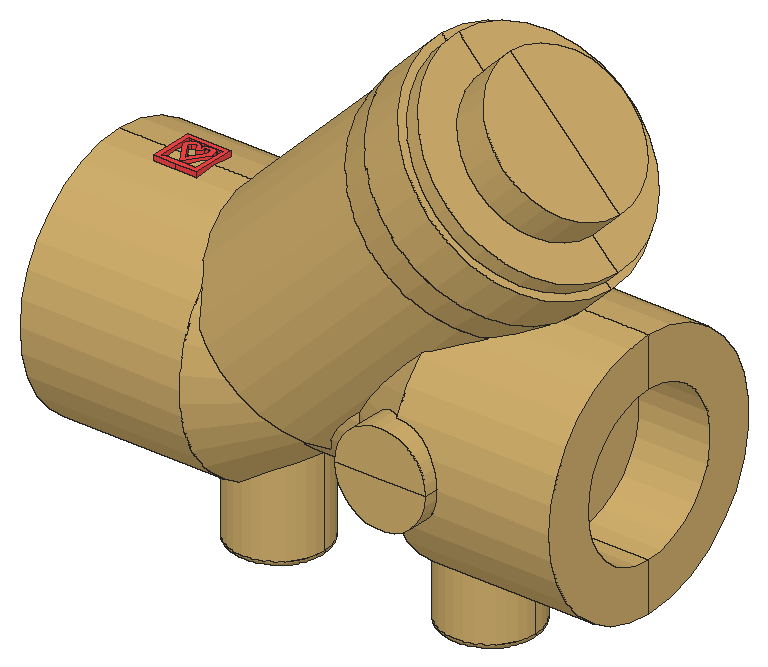
Revit family "Фильтр-грязевик 4111", category Rohrzubehör, Revit 2018
Family settings
  Bemaßung runder Anschluss = Durchmesser verwenden
  Teiletyp = Unterbricht
  OmniClass-Nummer = 23.65.55.14
  OmniClass-Titel = Valves for Liquid Services
  Arbeitsebenenbasiert = Nein
  Immer vertikal = Ja
  Beim Laden mit Abzugskörper schneiden = Nein
  Gemeinsam genutzt = Nein
Parameters
  Номер заказа [instance] = size_lookup("4111_", "Artnr", 0, Nennweite)  # 1411114
  Макс. рабочая температура = 110 °C  # constant formula
  W01 = 45.00°  # constant formula
  URL = "www.herz-armaturen.ru"
  Заглушка = "штампованная латунь CW 617N"  # constant formula
  Фильтрующий элемент = "нержавеющая сталь, размер ячейки 0,75 мм"  # constant formula
  SW02 [instance] = size_lookup("4111_", "SW2", 11.000 mm, Nennweite)  # 8.500 mm
  SW01 [instance] = size_lookup("4111_", "SW1", 16.000 mm, Nennweite)  # 16.000 mm
  SCTWSEQ = "AW;SBT_TYP_AW=\"112\";2"
  SCTWCODE = "04;16;02"  # constant formula
  SCRNSEQ = "AWI;AWI_TYP=\"1011\";2"
  SCRNCODE = "05;15;02"  # constant formula
  S01 [instance] = R01 * 2  # 52.000 mm
  R100 = 1.000 mm  # constant formula
  R10 [instance] = size_lookup("4111_", "R10", 8.500 mm, Nennweite)  # 6.950 mm
  R09 [instance] = size_lookup("4111_", "R9", 30.000 mm, Nennweite)  # 15.000 mm
  R08 [instance] = R07 - 1.500 mm  # 23.500 mm
  R07 [instance] = size_lookup("4111_", "R7", 46.500 mm, Nennweite)  # 25.000 mm
  R06 [instance] = size_lookup("4111_", "R6", 43.000 mm, Nennweite)  # 24.000 mm
  R05 [instance] = Nennweite / 2  # 16.000 mm
  R04 [instance] = size_lookup("4111_", "R4", 11.500 mm, Nennweite)  # 9.500 mm
  R03 = 9.500 mm  # constant formula
  R02 [instance] = Nennweite / 2  # 16.000 mm
  R01 [instance] = (Nennweite / 2) + 10.000 mm  # 26.000 mm
  PN [instance] = size_lookup("4111_", "PN", 16, Nennweite)  # 25
  Nennweite [instance] = 32.000 mm
  Среда = "Качество теплоносителя в соответствии с ÖNORM H5195 и/или предписаниями VDI-Standard 2035.\nРазрешается использование смеси этилен или пропиленгликоля в соотношении 25-50% с водой. Пожалуйста, обратитесь к документации производителя, при использовании этиленгликоля и пропиленгликоля в целях защиты от замерзания. Прокладки EPDM могут быть подвержены воздействию минеральных смазочных масел, что может служить причиной выхода из строя данных уплотнений."
  L16 [instance] = L03 - 4.500 mm  # 10.500 mm
  L15 [instance] = R01 - 1.000 mm  # 25.000 mm
  L14 [instance] = L06 - L08  # 7.300 mm
  L13 [instance] = size_lookup("4111_", "L13", 4.000 mm, Nennweite)  # 3.500 mm
  L12 = 0.800 mm  # constant formula
  L11 [instance] = size_lookup("4111_", "L11", 11.000 mm, Nennweite)  # 8.000 mm
  L10 = 3.500 mm  # constant formula
  L09 [instance] = size_lookup("4111_", "L9", 11.000 mm, Nennweite)  # 10.000 mm
  L08 [instance] = size_lookup("4111_", "L8", 35.000 mm, Nennweite)  # 52.700 mm
  L07 [instance] = size_lookup("4111_", "L7", 35.000 mm, Nennweite)  # 20.000 mm
  L06 [instance] = size_lookup("4111_", "L6", 118.000 mm, Nennweite) - L09  # 60.000 mm
  L05 [instance] = size_lookup("4111_", "L5", 44.000 mm, Nennweite)  # 27.500 mm
  L04 [instance] = size_lookup("4111_", "L4", 45.000 mm, Nennweite)  # 28.600 mm
  L03 = 15.000 mm  # constant formula
  L02 [instance] = size_lookup("4111_", "L2", 22.000 mm, Nennweite)  # 7.500 mm
  L01 [instance] = size_lookup("4111_", "L1", 48.000 mm, Nennweite)  # 33.000 mm
  L00 [instance] = size_lookup("4111_", "L", 180.000 mm, Nennweite)  # 110.000 mm
  Внутренняя резьба = "в соответствии с ISO 228-1"  # constant formula
  Hersteller = "Herz-Armaturen GmbH"  # constant formula
  H01 [instance] = size_lookup("4111_", "H1", 53.000 mm, Nennweite)  # 39.000 mm
  Корпус = "литая латунь, устойчивая к селективной цинковой коррозии, CC770S"  # constant formula
  Уплотнения = "EPDM"  # constant formula
  Область применения = "Фильтры устанавливаются с целью защиты клапанов от мелких частиц грязи в системах отопления и\nхолодоснабжения. Ароматические хлорированные углеводороды, такие как природный газ или продукты нефтепереработки, разрушают уплотнения из EPDM."
Reference planes
  plane 1 "Mitte (Vorne/hinten)": y = 0
  plane 2: z = 0
  plane 3 "Mitte (Links/rechts)": x = 0
Forms (mm)
  Revolve 1, solid, material "Messing", detail levels fine
    sketch origin (470, 0, 0) x (1, 0, 0) y (0, 0, 1)
      loop
        line (-525, 16) -> (-510, 16) -> (-510, 0) -> (-430, 0) -> (-430, 16) -> (-415, 16) -> (-415, 26) -> (-448, 26) -> (-462.5, 16) -> (-477.5, 16) -> (-492, 26) -> (-525, 26) -> (-525, 16)
      axis (-525, 0) -> (-415, 0)
    angle from 0 to 360
  Revolve 2, solid, material "Messing", detail levels fine
    sketch origin (470, 0, 0) x (1, 0, 0) y (0, 0, 1)
      loop
        line (-501.5, 0) -> (-501.5, -38)
        arc (-501.5, -38) -> (-501.207, -38.707) -> (-500.5, -39) r 1
        line (-500.5, -39) -> (-492, -39) -> (-492, 0) -> (-501.5, 0)
      axis (-492, 0) -> (-492, -39)
    angle from 0 to 360
  Revolve 3, solid, material "Messing", detail levels fine
    sketch origin (0, 0, 0) x (1, 0, 0) y (0, 1, 0)
      loop
        line (22, -28.6) -> (31.5, -28.6) -> (31.5, 27.5) -> (22, 27.5) -> (22, -28.6)
      axis (22, -28.6) -> (22, 27.5)
    angle from 0 to 360
  Revolve 4, solid, material "Messing", detail levels fine
    sketch origin (-470, 0, 0) x (-1, 0, 0) y (0, 0, 1)
      loop
        line (-501.5, 0) -> (-501.5, -38)
        arc (-501.5, -38) -> (-501.207, -38.707) -> (-500.5, -39) r 1
        line (-500.5, -39) -> (-492, -39) -> (-492, 0) -> (-501.5, 0)
      axis (-492, 0) -> (-492, -39)
    angle from 0 to 360
  Revolve 5, solid, material "Messing", detail levels fine
    sketch origin (0.32, 0, -0.105) x (1, 0, 0) y (0, 0, 1)
      loop
        line (-20.32, 0) -> (37.309, 57.629) -> (25.995, 68.943) -> (20.339, 63.286) -> (15.035, 68.589) -> (12.56, 66.114) -> (11.5, 67.175) -> (4.429, 60.104) -> (-0.026, 54.235) -> (-32.129, 22.132) -> (-31.634, 11.314) -> (-20.32, 0)
      axis (-20.32, 0) -> (37.309, 57.629)
    angle from 0 to 360
Lines and regions (mm)
  model lines, detail levels coarse+medium
    curve 1: line (-55, 0, 26) -> (55, 0, 26)
    curve 2: line (-55, 0, -26) -> (-55, 0, 26)
    curve 3: line (55, 0, -26) -> (-55, 0, -26)
    curve 4: line (55, 0, 26) -> (55, 0, -26)
    curve 6: line (-55, 26, 0) -> (55, 26, 0)
    curve 7: line (-55, -26, 0) -> (-55, 26, 0)
    curve 8: line (55, -26, 0) -> (-55, -26, 0)
    curve 9: line (55, 26, 0) -> (55, -26, 0)
    curve 10: line (55, -26, 0) -> (-55, 26, 0)
  symbolic lines, style "PipeAccessory"
    curve 5: line (55, 0, -26) -> (-55, 0, 26)
Dimensions and locks
  "H01": plane 2 to Revolve 2 sketch curve
  "L00": Revolve 1 sketch curve to Revolve 1 sketch curve
  equal spacing: Revolve 1 sketch curve, plane 3 "Mitte (Links/rechts)", Revolve 1 sketch curve
  "R01": Revolve 1 sketch curve to Revolve 1 sketch curve  (x2)
  "R02": Revolve 1 sketch curve to Revolve 1 sketch curve  (x3)
  "L01": Revolve 1 sketch curve to Revolve 1 sketch curve  (x2)
  "L02": plane 3 "Mitte (Links/rechts)" to Revolve 1 sketch curve
  "L02": Revolve 1 sketch curve to plane 3 "Mitte (Links/rechts)"
  "L03": Revolve 1 sketch curve to Revolve 1 sketch curve  (x2)
  "L01": Revolve 1 to Revolve 2 sketch curve
  "R03": Revolve 2 sketch curve to Revolve 2 sketch curve
  "L01": Revolve 4 sketch curve to Revolve 1
  "R03": Revolve 4 sketch curve to Revolve 4 sketch curve
  "H01": plane 2 to Revolve 4 sketch curve
  "L04": Revolve 3 sketch curve to plane 1 "Mitte (Vorne/hinten)"
  "L05": plane 1 "Mitte (Vorne/hinten)" to Revolve 3 sketch curve
  "R04": Revolve 3 sketch curve to Revolve 3 sketch curve
  "L01": Revolve 3 sketch curve to Revolve 1
  "SW01": Revolve 5 sketch curve to Revolve 5 sketch curve
  "R08": Revolve 5 sketch curve to Revolve 5 sketch curve
  "L10": Revolve 5 sketch curve to Revolve 5 sketch curve
  "L11": Revolve 5 sketch curve to Revolve 5 sketch curve
  "R07": Revolve 5 sketch curve to Revolve 5 sketch curve
  "L07": plane 3 "Mitte (Links/rechts)" to Revolve 5 sketch curve
  "R05": Revolve 5 sketch curve to Revolve 5 sketch curve
  "L06": Revolve 5 sketch curve to Revolve 5 sketch curve
  "L09": Revolve 5 sketch curve to Revolve 5 sketch curve
  "L08": Revolve 5 sketch curve to Revolve 5 sketch curve
  "R06": Revolve 5 sketch curve to Revolve 5 sketch curve
  "L14": Revolve 5 sketch curve to Revolve 5 sketch curve
  "L15": nested 1 to plane 2
  "L16": Revolve 1 to nested 1
  equal spacing: curve 7, plane 3 "Mitte (Links/rechts)", curve 9
  "L00": curve 7 to curve 9
  "S01": curve 6 to curve 8
  equal spacing: curve 4, plane 3 "Mitte (Links/rechts)", curve 2
  "L00": curve 4 to curve 2
  equal spacing: curve 1, plane 2, curve 3
  "S01": curve 1 to curve 3
  equal spacing: curve 8, plane 1 "Mitte (Vorne/hinten)", curve 6
  "R100": radius of Revolve 2 sketch curve
  "R100": radius of Revolve 4 sketch curve
  "W01": angle plane 2 to Revolve 5 sketch curve
  "W01": angle level to Revolve 5 sketch curve
  aligned and locked: level to plane 2
Automatic sketch dimensions
  Revolve 1 sketch curve to level = 0.000 mm  (x2)
  Revolve 1 sketch curve to Revolve 1 sketch curve = 791.990 mm
  Revolve 1 sketch curve to Revolve 1 sketch curve = 2278.983 mm
  Revolve 2 sketch curve to level = 0.000 mm  (x2)
  Revolve 2 sketch curve to Revolve 2 sketch curve = 0.000 mm
  Revolve 2 sketch curve to Revolve 2 sketch curve = 0.292 mm
  Revolve 3 sketch curve to Revolve 3 sketch curve = 0.000 mm  (x3)
  Revolve 4 sketch curve to level = 0.000 mm  (x2)
  Revolve 4 sketch curve to Revolve 4 sketch curve = 0.000 mm
  Revolve 4 sketch curve to Revolve 4 sketch curve = 0.292 mm
  Revolve 5 sketch curve to level = 0.105 mm
  Revolve 5 sketch curve to Revolve 5 sketch curve = 0.000 mm  (x2)
Nested families
  nested 1: "Herz-Logo" at (-39.982, 0, 25), type "Herz-Logo", detail levels fine
Connectors
  piping at (-40, 0, 0), diameter 32, driven by "Nennweite"
    settings: on Revolve 1, index 1, connector inside diameter 609.6 mm, connector length 0.000 mm, flow factor 0, pipe flow 0.0 L/s, pressure drop 0.0 Pa, fitting loss kfactor 0, connector angle 0.00°, fixture units 0, engagement length 0.000 mm, angle of deflection 0.00°, flow configuration 0, flow direction 1, fitting loss method 0, system type 29, joint type 0, gender type 0, connector reference index -1, connector utility 0, adjustable connector no, is connector primary yes, connector description ""
  piping at (40, 0, 0), diameter 32, driven by "Nennweite"
    settings: on Revolve 1, index 2, connector inside diameter 609.6 mm, connector length 0.000 mm, flow factor 0, pipe flow 0.0 L/s, pressure drop 0.0 Pa, fitting loss kfactor 0, connector angle 0.00°, fixture units 0, engagement length 0.000 mm, angle of deflection 0.00°, flow configuration 0, flow direction 2, fitting loss method 0, system type 29, joint type 0, gender type 0, connector reference index -1, connector utility 0, adjustable connector no, is connector primary no, connector description ""
Definition of nested family "Herz-Logo"
  Reference planes
    plane 1 "Mitte (Vorne/hinten)": y = 0
    plane 2: z = 0
    plane 3 "Mitte (Links/rechts)": x = 0
  Forms (mm)
    Extrusion 1, solid
      sketch origin (0, 0, 0) x (1, 0, 0) y (0, 1, 0)
        loop
          line (-0.018, -4.517) -> (4.482, -4.517) -> (4.482, 4.483) -> (-4.518, 4.483) -> (-4.518, -4.517) -> (-0.018, -4.517)
        loop
          line (-0.05, -3.48) -> (3.482, -3.48) -> (3.482, 3.483) -> (-3.518, 3.483) -> (-3.518, -3.48) -> (-0.05, -3.48)
        loop
          arc (-0.018, 2.383) -> (-1.543, 3.287) -> (-3.067, 2.383) r 1.738
          arc (-3.067, 2.383) -> (-3.191, 1.899) -> (-3.067, 1.415) r 1.009
          line (-3.067, 1.415) -> (-0.018, -3.281) -> (3.032, 1.415)
          arc (3.032, 1.415) -> (3.156, 1.899) -> (3.032, 2.383) r 1.009
          arc (3.032, 2.383) -> (1.507, 3.287) -> (-0.018, 2.383) r 1.738
        loop
          arc (1.885, 1.272) -> (2.005, 1.675) -> (1.885, 2.079) r 0.74
          arc (1.885, 2.079) -> (1.265, 2.416) -> (0.644, 2.079) r 0.74
          line (0.644, 2.079) -> (-0.018, 0.97) -> (-0.679, 2.079)
          arc (-0.679, 2.079) -> (-1.3, 2.416) -> (-1.921, 2.079) r 0.74
          arc (-1.921, 2.079) -> (-2.04, 1.675) -> (-1.921, 1.272) r 0.74
          line (-1.921, 1.272) -> (-0.018, -1.658) -> (1.885, 1.272)
      from 0 to 1.5
  Dimensions and locks
    aligned and locked: level to plane 2
